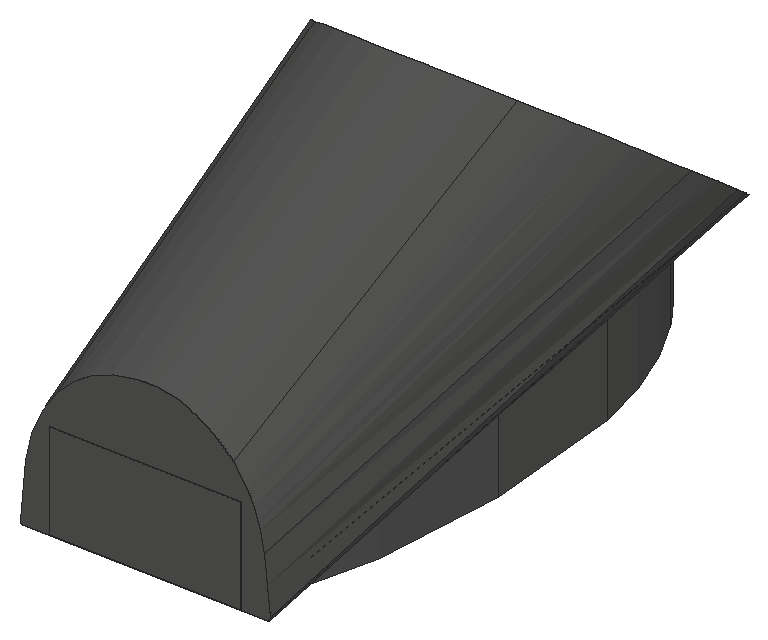
Revit family "Urinal-Wall_Mount-KOHLER-Patio-K-16321IN_1", category Plumbing Fixtures, host Face, Revit 2021
Family settings
  Host = Face
  Round Connector Dimension = Use Diameter
  Part Type = Normal
  OmniClass Number = 23.31.21.00
  OmniClass Title = Urinals
  Cut with Voids When Loaded = No
  Shared = No
  Room Calculation Point = No
Parameters (values of type "7-Black Black")
  Width = 13.18898"  # constant formula
  WaterSense Certified = 1 = 0  # no
  Waste Water Outlet = "Waste Water Outlet"  # constant formula
  Waste Connection = 1 = 1  # yes
  Vent Connection = 1 = 0  # no
  URL = "https://www.kohler.co.in/"
  Type = 4
  Rough-In [instance] = Internal Lip Height - 5.79528"  # 17.91176"
  Product Page URL = ""
  Product Name = "Patio"  # constant formula
  Product Documentation Link = ""
  Pressure = 0.00 psi
  Model = if(Type = 1, "K-16321IN-SS-0", if(Type = 2, "K-16321IN-SS-7", if(Type = 3, "K-16321IN-SS-HG1", if(Type = 4, "K-16321IN-7", "NA"))))  # "K-16321IN-7"
  Material = "Vitreous China"  # constant formula
  Master Format 2014 Name = "Residential Urinals"  # constant formula
  Master Format 2014 = "22 41 13.16"  # constant formula
  Manufacturer Address = "Ambience Office Tower NH-8 Gurgaon / Gurugram Haryana , 122001"  # constant formula
  Manufacturer = "Kohler Co."  # constant formula
  Length = 13.18677"  # constant formula
  Internal Lip Height [instance] = 23 181/256"
  Hot Water Inlet = "Hot Water Inlet"  # constant formula
  Height = 25.26606"  # constant formula
  HW Connection = 1 = 0  # no
  Flush Rate- LPF = "1 LPF"  # constant formula
  Flush Rate- GPF = "0.26 GPF"  # constant formula
  Flow Rate = 0 GPM
  Finish = Kohler-Vitreous_China-7-Black_Black
  Environmental Product Declaration = ""
  Description = "Eco touchless urinal"  # constant formula
  Default Elevation = 0"
  Declare Label = ""
  Date Modified = "08/18/2024"  # constant formula
  Date Created = "12/13/2022"  # constant formula
  Copyright = "Copyright Kohler Co."  # constant formula
  Contact Us = "https://www.kohler.co.in/contact-us"
  Cold Water Inlet = "Cold Water Inlet"  # constant formula
  CW Connection = 1 = 1  # yes
  Assembly Code = "D2010200"
  ADA Compliant = 1 = 0  # no
Types (5): name | Type | Product Page URL | Model | Finish
  (no name) | 4 | "" | "K-16321IN-7" | Kohler-Vitreous_China-7-Black_Black
  SS, 0-White | 1 | "https://www.kohler.co.in/p/urinals-sensors/patio-eco-touchless-urinal-16321in-ss?skuId=16321IN-SS-0" | "K-16321IN-SS-0" | Kohler-Vitreous_China-0-White
  SS, 7-Black Black | 2 | "" | "K-16321IN-SS-7" | Kohler-Vitreous_China-7-Black_Black
  SS, HG1-Thunder Grey | 3 | "" | "K-16321IN-SS-HG1" | KOHLER-Vitreous_China-HG1-Thunder_Grey
  7-Black Black | 4 | "" | "K-16321IN-7" | Kohler-Vitreous_China-7-Black_Black
Reference planes (in)
  plane 1 "Center (Front/Back)": y = 0
  plane 2: z = 0
  plane 3 "Center (Left/Right)": x = 0
  plane 4: y = 17.91176
  plane 5: y = 23.70703
  plane 6: z = 13.18677
  plane 7: z = 5.90551
  plane 8: through (0, 28.67708, 9.49957) normal (0, 0.591, 0.8067)
  plane 9: x = 6.59449
  plane 10: x = -6.59449
  plane 11: y = 31.90519
  plane 12: z = -1.89896
  plane 13: y = 17.69397
  plane 14: x = 1.93
  plane 15: x = 5.80888
  plane 16: x = -5.80888
  plane 17: y = 11.69687
  plane 18: y = 36.96293
Forms (in)
  Extrusion 1, void
    sketch origin (0, 0, 0) x (1, 0, 0) y (0, 1, 0)
      loop
        circle (-0.00228, 17.69397) r 1.02081
    from -1.89896 to 0
Dimensions and locks (in)
  "Rough-In": plane 1 "Center (Front/Back)" to plane 4
  "Internal Lip Height": plane 1 "Center (Front/Back)" to plane 5
  plane 5 to plane 4 = 5.79528"
  locked: plane 11 to plane 4 at 13.99343
  "Length": plane 6 to level
  "Width": plane 10 to plane 9
  "Height": plane 17 to plane 18
  locked: plane 18 to plane 5 at 13.2559
  aligned and locked: plane 2 to host face
  aligned and locked: level to host face
  aligned and locked: plane 3 "Center (Left/Right)" to nested 1
  aligned and locked: plane 4 to nested 1
  aligned and locked: Extrusion 1 to nested 1
  aligned and locked: level to Extrusion 1
Automatic sketch dimensions
  host sketch curve to host sketch curve = 96"  (x2)
  Extrusion 1 sketch curve to plane 13 = 0"
  Extrusion 1 sketch curve to plane 3 "Center (Left/Right)" = 0.00228"
  radius of Extrusion 1 sketch curve = 1.02081"
Nested families (in)
  nested 1: "K-16321IN" at (0, -0.00163, 0), type "K-16321IN"
Connectors (in)
  piping at (1.93, 17.91176, 0), diameter 0.5, driven by "Pressure", driven by "CW Connection", driven by "Cold Water Inlet"
    settings: on nested 1, index 3, connector inside diameter 24", connector length 0", flow factor 0, pipe flow 0 GPM, pressure drop 0.00 psi, fitting loss kfactor 0, connector angle 0.00°, fixture units 0, engagement length 0", angle of deflection 0.00°, flow configuration 0, flow direction 1, fitting loss method 0, system type 20, joint type 0, gender type 0, connector reference index -1, connector utility 1, adjustable connector no, is connector primary yes, connector description "Cold Water Inlet"
  piping at (0, 17.91176, -1.89896), diameter 1.5, driven by "Waste Connection", driven by "Waste Water Outlet"
    settings: on nested 1, index 4, connector inside diameter 24", connector length 0", flow factor 0, pipe flow 0 GPM, pressure drop 0.00 psi, fitting loss kfactor 0, connector angle 0.00°, fixture units 0, engagement length 0", angle of deflection 0.00°, flow configuration 0, flow direction 2, fitting loss method 0, system type 16, joint type 0, gender type 0, connector reference index -1, connector utility 1, adjustable connector no, is connector primary no, connector description "Waste Water Outlet"
Definition of nested family "K-16321IN"
  Parameters (values of type "K-16321IN")
    Material = none
    Default Elevation = 0"
  Reference planes (in)
    plane 1 "Center (Front/Back)": y = 0
    plane 2: z = 0
    plane 3 "Center (Left/Right)": x = 0
    plane 4: y = 17.91339
    plane 5: y = 36.96457
    plane 6: y = 23.70866
    plane 7: x = 6.59449
    plane 8: x = -6.59449
    plane 9: y = 11.6985
    plane 10: through (0, 36.96457, 3.42806) normal (0, 0.591, 0.8067)
    plane 11: z = 13.18676
    plane 12: through (0, 31.95189, 2.55304) normal (0, -0.82, -0.5724)
    plane 13: through (0, 34.63442, 3.60295) normal (0, 0.9805, -0.1965)
    plane 14: z = 5.90551
    plane 15: y = 31.90682
    plane 16: z = -1.89896
    plane 17: y = 17.69808
    plane 18: x = 1.93
  Forms (in)
    Extrusion 1, solid, material <- "Material", detail levels medium+fine
      sketch origin (0, 0, 0) x (1, 0, 0) y (0, 1, 0)
        loop
          line (-3.7649, 11.68044) -> (3.74864, 11.68044)
          arc (3.74864, 11.68044) -> (5.04613, 16.85622) -> (5.51079, 22.17188) r 33.71484
          arc (5.51079, 22.17188) -> (5.41618, 25.13015) -> (5.08578, 28.07142) r 37.0573
          arc (5.08578, 28.07142) -> (4.28026, 31.13653) -> (2.85243, 33.96585) r 15.09263
          arc (2.85243, 33.96585) -> (2.02834, 35.10531) -> (1.08704, 36.15005) r 13.1233
          arc (1.08704, 36.15005) -> (0.80638, 36.3371) -> (0.47555, 36.40278) r 0.86614
          line (0.47555, 36.40278) -> (-0.49181, 36.40278)
          arc (-0.49181, 36.40278) -> (-0.80709, 36.3403) -> (-1.07473, 36.16231) r 0.82677
          arc (-1.07473, 36.16231) -> (-2.02287, 35.11206) -> (-2.85243, 33.96585) r 13.1233
          arc (-2.85243, 33.96585) -> (-4.28026, 31.13653) -> (-5.08578, 28.07142) r 15.09263
          arc (-5.08578, 28.07142) -> (-5.50039, 23.39383) -> (-5.32011, 18.70137) r 37.0573
          arc (-5.32011, 18.70137) -> (-4.74667, 15.14568) -> (-3.7649, 11.68044) r 31.01606
      from 0 to 3.82932
    Blend 2, solid, material <- "Material", detail levels medium+fine
      base sketch origin (0, 0, 0) x (1, 0, 0) y (0, 0, 1)
        loop
          line (-4.81961, 0.00355) -> (4.80336, 0.00355)
          arc (4.80336, 0.00355) -> (4.89009, 0.04149) -> (4.9211, 0.13093) r 0.11811
          arc (4.9211, 0.13093) -> (4.82271, 1.21984) -> (4.69915, 2.30618) r 47.27428
          arc (4.69915, 2.30618) -> (4.28341, 3.80642) -> (3.45464, 5.12426) r 5.36773
          arc (3.45464, 5.12426) -> (-0.00813, 6.7205) -> (-3.47089, 5.12426) r 4.55406
          arc (-3.47089, 5.12426) -> (-4.29966, 3.80642) -> (-4.71541, 2.30618) r 5.36773
          arc (-4.71541, 2.30618) -> (-4.83896, 1.21984) -> (-4.93736, 0.13093) r 47.27428
          arc (-4.93736, 0.13093) -> (-4.90634, 0.04149) -> (-4.81961, 0.00355) r 0.11811
      top sketch origin (0, 0, 0) x (1, 0, 0) y (0, 0, 1)
        loop
          arc (4.54589, 19.52198) -> (0, 21.57746) -> (-4.54589, 19.52198) r 6.05459
          arc (-4.54589, 19.52198) -> (-6.83258, 15.50594) -> (-7.33909, 10.91236) r 11.41194
          arc (-7.33909, 10.91236) -> (-7.13454, 9.56048) -> (-6.77993, 8.24001) r 12.19297
          arc (-6.77993, 8.24001) -> (-6.60738, 7.77224) -> (-6.40261, 7.31766) r 7.13887
          arc (-6.40261, 7.31766) -> (-0.0397, 3.33644) -> (6.3671, 7.24665) r 7.13887
          arc (6.3671, 7.24665) -> (6.59225, 7.73554) -> (6.77993, 8.24001) r 7.13887
          arc (6.77993, 8.24001) -> (7.13454, 9.56048) -> (7.33909, 10.91236) r 12.19297
          arc (7.33909, 10.91236) -> (6.83258, 15.50594) -> (4.54589, 19.52198) r 11.41194
      from -11.68044 to -38.82399
    Extrusion 3, void
      sketch origin (0, 0, 0) x (0, 1, 0) y (0, 0, 1)
        loop
          line (41.37193, 0.19917) -> (56.71571, 9.0579) -> (34.53703, 25.30627) -> (19.19325, 16.44754) -> (41.37193, 0.19917)
      from -10.30812 to 9.84252
    Blend 4, void
      base sketch origin (0, 0, 0) x (1, 0, 0) y (0, 0, 1)
        loop
          arc (4.48552, 2.58021) -> (4.40428, 3.40372) -> (4.30852, 4.22568) r 46.88058
          arc (4.30852, 4.22568) -> (4.13145, 5.49605) -> (3.91969, 6.76109) r 46.88058
          arc (3.91969, 6.76109) -> (-0.00813, 10.04023) -> (-3.93595, 6.76109) r 3.99198
          arc (-3.93595, 6.76109) -> (-4.14771, 5.49605) -> (-4.32477, 4.22568) r 46.88058
          arc (-4.32477, 4.22568) -> (-4.42054, 3.40372) -> (-4.50178, 2.58021) r 46.88058
          arc (-4.50178, 2.58021) -> (-4.451, 2.42978) -> (-4.30571, 2.36576) r 0.19685
          line (-4.30571, 2.36576) -> (4.28946, 2.36576)
          arc (4.28946, 2.36576) -> (4.43474, 2.42978) -> (4.48552, 2.58021) r 0.19685
      top sketch origin (0, 0, 0) x (1, 0, 0) y (0, 0, 1)
        loop
          arc (-3.85933, 21.0616) -> (-6.04314, 17.84406) -> (-6.9732, 14.06828) r 11.01824
          arc (-6.9732, 14.06828) -> (-6.99461, 13.19727) -> (-6.94713, 12.32729) r 11.01824
          arc (-6.94713, 12.32729) -> (-6.65898, 10.62222) -> (-6.12471, 8.97757) r 11.79927
          arc (-6.12471, 8.97757) -> (0, 4.86185) -> (6.12471, 8.97757) r 6.61503
          arc (6.12471, 8.97757) -> (6.65898, 10.62222) -> (6.94713, 12.32729) r 11.79927
          arc (6.94713, 12.32729) -> (6.99584, 13.35725) -> (6.94806, 14.38724) r 11.01824
          arc (6.94806, 14.38724) -> (5.977, 17.98973) -> (3.85933, 21.0616) r 11.01824
          arc (3.85933, 21.0616) -> (0, 22.68671) -> (-3.85933, 21.0616) r 5.39514
      from -20.15934 to -41.12718
    Revolve 5, solid, detail levels medium+fine
      sketch origin (0, 0, 0) x (0, 1, 0) y (0, 0, 1)
        loop
          line (35.25669, 4.19969) -> (35.25528, 4.23904)
          arc (35.25528, 4.23904) -> (35.09768, 4.26258) -> (34.93901, 4.27721) r 2.82908
          line (34.93901, 4.27721) -> (34.94013, 4.24588) -> (34.92498, 4.27279) -> (34.49911, 4.25755) -> (34.57254, 2.20547) -> (35.06574, 2.22312)
          arc (35.06574, 2.22312) -> (35.11563, 2.24547) -> (35.13584, 2.29626) r 0.0727
          line (35.13584, 2.29626) -> (35.13017, 3.14349) -> (35.21008, 3.33319) -> (35.19274, 3.81784) -> (35.10615, 3.81474) -> (35.09258, 4.19382) -> (35.25669, 4.19969)
        axis (34.49897, 4.26146) -> (34.57254, 2.20547)
      angle from 0 to 360
    Revolve 6, solid, material <- "Material", detail levels medium+fine
      sketch origin (0, 0, 0) x (0, 1, 0) y (0, 0, 1)
        loop
          line (18.66128, 7.22027) -> (18.66128, 7.25362)
          arc (18.66128, 7.25362) -> (18.57879, 7.33611) -> (18.4963, 7.25362) r 0.08249
          line (18.4963, 7.25362) -> (18.4963, 7.15884) -> (18.3001, 7.15884)
          arc (18.3001, 7.15884) -> (18.16801, 7.13256) -> (18.05604, 7.05774) r 0.34515
          line (18.05604, 7.05774) -> (17.65077, 6.65248)
          arc (17.65077, 6.65248) -> (17.57441, 6.60145) -> (17.48434, 6.58354) r 0.23537
          line (17.48434, 6.58354) -> (17.04739, 6.58354) -> (17.04739, 5.90551) -> (20.87067, 5.90551)
          arc (20.87067, 5.90551) -> (20.86036, 6.00758) -> (20.82647, 6.10442) r 0.4358
          arc (20.82647, 6.10442) -> (20.7398, 6.60083) -> (20.55788, 7.07078) r 2.5685
          arc (20.55788, 7.07078) -> (20.53433, 7.09639) -> (20.50085, 7.10587) r 0.06389
          line (20.50085, 7.10587) -> (20.27614, 7.10587)
          arc (20.27614, 7.10587) -> (20.19426, 6.57282) -> (20.15934, 6.03465) r 6.15609
          line (20.15934, 6.03465) -> (19.47849, 6.03465) -> (19.47849, 7.18267)
          arc (19.47849, 7.18267) -> (19.45819, 7.23167) -> (19.40919, 7.25197) r 0.0693
          line (19.40919, 7.25197) -> (19.12059, 7.25197) -> (19.08889, 7.22027) -> (18.66128, 7.22027)
        axis (17.04739, 5.90551) -> (20.87067, 5.90551)
      angle from 0 to 360
    Revolve 7, void
      sketch origin (0, 0, 0) x (0, 1, 0) y (0, 0, 1)
        loop
          line (17.04739, 5.90551) -> (20.15934, 5.90551) -> (20.15934, 6.10236) -> (19.67534, 6.10236)
          arc (19.67534, 6.10236) -> (19.53614, 6.16002) -> (19.47849, 6.29921) r 0.19685
          line (19.47849, 6.29921) -> (19.47849, 7.14412)
          arc (19.47849, 7.14412) -> (19.42083, 7.28331) -> (19.28164, 7.34097) r 0.19685
          line (19.28164, 7.34097) -> (17.04739, 7.34097) -> (17.04739, 5.90551)
        axis (17.04739, 5.90551) -> (20.15934, 5.90551)
      angle from 0 to 360
    Extrusion 8, solid, material <- "Material", detail levels medium+fine
      sketch origin (0, 0, 0) x (1, 0, 0) y (0, 1, 0)
        loop
          circle (0, 17.91339) r 0.19685
      from -1.89896 to -1.662
    Blend 9, solid, material <- "Material", detail levels coarse
      base sketch origin (0, -0.0028, 0) x (1, 0, 0) y (0, 0, 1)
        loop
          arc (4.89447, 2.33069) -> (4.46348, 3.88595) -> (3.60432, 5.25212) r 5.56458
          arc (3.60432, 5.25212) -> (-0.00813, 6.91735) -> (-3.62057, 5.25212) r 4.75091
          arc (-3.62057, 5.25212) -> (-4.47974, 3.88595) -> (-4.91073, 2.33069) r 5.56458
          arc (-4.91073, 2.33069) -> (-5.0203, 1.37981) -> (-5.11068, 0.42692) r 47.47113
          arc (-5.11068, 0.42692) -> (-5.00828, 0.12732) -> (-4.71839, 0) r 0.3937
          line (-4.71839, 0) -> (4.70213, 0)
          arc (4.70213, 0) -> (4.99203, 0.12732) -> (5.09443, 0.42692) r 0.3937
          arc (5.09443, 0.42692) -> (5.00405, 1.37981) -> (4.89447, 2.33069) r 47.47113
      top sketch origin (0, -0.0028, 0) x (1, 0, 0) y (0, 0, 1)
        loop
          arc (-4.69369, 19.65201) -> (-7.01982, 15.56669) -> (-7.53507, 10.89387) r 11.60879
          arc (-7.53507, 10.89387) -> (-7.32722, 9.52017) -> (-6.96688, 8.17837) r 12.38982
          arc (-6.96688, 8.17837) -> (-6.77555, 7.66365) -> (-6.54624, 7.16469) r 7.33572
          arc (-6.54624, 7.16469) -> (0.02345, 3.13952) -> (6.56728, 7.20661) r 7.33572
          arc (6.56728, 7.20661) -> (6.7845, 7.68533) -> (6.96688, 8.17837) r 7.33572
          arc (6.96688, 8.17837) -> (7.32722, 9.52017) -> (7.53507, 10.89387) r 12.38982
          arc (7.53507, 10.89387) -> (7.01982, 15.56669) -> (4.69369, 19.65201) r 11.60879
          arc (4.69369, 19.65201) -> (0, 21.77431) -> (-4.69369, 19.65201) r 6.25144
      from -11.68044 to -38.82399
    Blend 10, void
      base sketch origin (0, 0, 0) x (1, 0, 0) y (0, 0, 1)
        loop
          arc (4.48552, 2.1865) -> (4.40428, 3.01002) -> (4.30852, 3.83198) r 46.88058
          arc (4.30852, 3.83198) -> (4.1022, 5.29054) -> (3.85015, 6.74191) r 46.88058
          arc (3.85015, 6.74191) -> (-0.00813, 9.93648) -> (-3.86641, 6.74191) r 3.92723
          arc (-3.86641, 6.74191) -> (-4.11845, 5.29054) -> (-4.32477, 3.83198) r 46.88058
          arc (-4.32477, 3.83198) -> (-4.42054, 3.01002) -> (-4.50178, 2.1865) r 46.88058
          arc (-4.50178, 2.1865) -> (-4.451, 2.03608) -> (-4.30571, 1.97206) r 0.19685
          line (-4.30571, 1.97206) -> (4.28946, 1.97206)
          arc (4.28946, 1.97206) -> (4.43474, 2.03608) -> (4.48552, 2.1865) r 0.19685
      top sketch origin (0, 0, 0) x (1, 0, 0) y (0, 0, 1)
        loop
          arc (-3.85933, 21.0616) -> (-6.04314, 17.84406) -> (-6.9732, 14.06828) r 11.01824
          arc (-6.9732, 14.06828) -> (-6.99461, 13.19727) -> (-6.94713, 12.32729) r 11.01824
          arc (-6.94713, 12.32729) -> (-6.65898, 10.62222) -> (-6.12471, 8.97757) r 11.79927
          arc (-6.12471, 8.97757) -> (0, 4.86185) -> (6.12471, 8.97757) r 6.61503
          arc (6.12471, 8.97757) -> (6.65898, 10.62222) -> (6.94713, 12.32729) r 11.79927
          arc (6.94713, 12.32729) -> (6.99584, 13.35725) -> (6.94806, 14.38724) r 11.01824
          arc (6.94806, 14.38724) -> (5.977, 17.98973) -> (3.85933, 21.0616) r 11.01824
          arc (3.85933, 21.0616) -> (0, 22.68671) -> (-3.85933, 21.0616) r 5.39514
      from -19.76758 to -40.78969
    Extrusion 11, solid, material <- "Material", detail levels coarse
      sketch origin (0, -0.31289, 0) x (1, 0, 0) y (0, 1, 0)
        loop
          line (-3.7649, 11.99333) -> (3.84707, 11.99333)
          arc (3.84707, 11.99333) -> (5.14456, 17.16911) -> (5.60922, 22.48477) r 33.71484
          arc (5.60922, 22.48477) -> (5.51461, 25.44304) -> (5.18421, 28.38432) r 37.0573
          arc (5.18421, 28.38432) -> (3.84184, 32.82619) -> (1.3112, 36.71567) r 16.43176
          line (1.3112, 36.71567) -> (-1.22903, 36.71567)
          arc (-1.22903, 36.71567) -> (-3.75968, 32.82619) -> (-5.10204, 28.38432) r 16.43176
          arc (-5.10204, 28.38432) -> (-5.43244, 25.44304) -> (-5.52705, 22.48477) r 37.0573
          arc (-5.52705, 22.48477) -> (-5.06239, 17.16911) -> (-3.7649, 11.99333) r 33.71484
      from 0 to 3.82932
    Extrusion 12, void
      sketch origin (0, 0, 0) x (1, 0, 0) y (0, 0, 1)
        loop
          circle (0, 6.44573) r 0.07982
        loop
          circle (-0.46616, 6.17422) r 0.07977
        loop
          circle (0.46616, 6.17422) r 0.07977
        loop
          circle (0, 5.36529) r 0.07982
        loop
          circle (-0.46616, 5.6368) r 0.07977
        loop
          circle (0.46616, 5.6368) r 0.07977
        loop
          circle (0, 6.81881) r 0.08004
        loop
          circle (0, 4.99222) r 0.08004
        loop
          circle (-0.79125, 6.36161) r 0.07874
        loop
          circle (0.79125, 6.36161) r 0.07874
        loop
          circle (-0.79125, 5.44941) r 0.07874
        loop
          circle (0.79125, 5.44941) r 0.07874
      from -21.11907 to -19.96189
    Extrusion 13, solid, material <- "Material"
      sketch origin (0, -0.21544, -2.16535) x (1, 0, 0) y (0, 1, 0)
        loop
          circle (0, 17.91352) r 0.99605
      from 0.26639 to 2.16535
    Extrusion 14, solid, material <- "Material", detail levels medium+fine
      sketch origin (0, 0, 0) x (1, 0, 0) y (0, 1, 0)
        loop
          circle (1.93, 17.91339) r 0.19685
      from 0 to 0.17689
  Cuts and joins
    Extrusion 3, Blend 4, Revolve 7 cuts Blend 2
    Extrusion 3, Blend 10 cuts Blend 9
    Extrusion 12 cuts Revolve 6
  Lines and regions (in)
    Masking region 1
      outline origin (0, 0, 0) x (1, 0, 0) y (0, 0, 1)
        loop
          arc (-6.23019, 9.20317) -> (-6.33068, 8.81993) -> (-6.41532, 8.43289) r 9.63164
          arc (-6.41532, 8.43289) -> (-6.5396, 7.62241) -> (-6.59449, 6.8043) r 9.63164
          line (-6.59449, 6.8043) -> (-6.59449, 6.33403)
          arc (-6.59449, 6.33403) -> (-6.39675, 3.93811) -> (-5.80888, 1.60703) r 14.61392
          line (-5.80888, 1.60703) -> (-5.80888, 0) -> (-0.99605, 0) -> (-0.99605, -1.89896) -> (0.99605, -1.89896) -> (0.99605, 0) -> (5.80888, 0) -> (5.80888, 1.60703)
          arc (5.80888, 1.60703) -> (6.39675, 3.93811) -> (6.59449, 6.33403) r 14.61392
          line (6.59449, 6.33403) -> (6.59449, 6.8043)
          arc (6.59449, 6.8043) -> (6.53235, 7.78559) -> (6.34693, 8.7512) r 7.77956
          arc (6.34693, 8.7512) -> (6.2913, 8.97789) -> (6.23019, 9.20317) r 9.63164
          arc (6.23019, 9.20317) -> (5.18652, 11.14549) -> (3.42534, 12.47217) r 5.1425
          arc (3.42534, 12.47217) -> (1.76576, 13.01916) -> (0.02641, 13.18676) r 7.87609
          line (0.02641, 13.18676) -> (-0.02641, 13.18676)
          arc (-0.02641, 13.18676) -> (-1.76576, 13.01916) -> (-3.42534, 12.47217) r 7.87609
          arc (-3.42534, 12.47217) -> (-5.18652, 11.14549) -> (-6.23019, 9.20317) r 5.1425
    Masking region 2
      outline origin (0, 0, 0) x (0, 1, 0) y (0, 0, 1)
        loop
          arc (23.388, 13.1602) -> (17.46436, 10.07315) -> (11.6985, 6.70056) r 136.77332
          line (11.6985, 6.70056) -> (11.6985, 0) -> (16.70203, 0) -> (16.70203, -1.89896) -> (18.69413, -1.89896) -> (18.69413, 0) -> (36.30974, 0) -> (36.30974, 2.52441)
          arc (36.30974, 2.52441) -> (36.34543, 2.73491) -> (36.44851, 2.92187) r 0.63856
          arc (36.44851, 2.92187) -> (36.55189, 3.01979) -> (36.67839, 3.08516) r 0.50784
          arc (36.67839, 3.08516) -> (36.75008, 3.11221) -> (36.82037, 3.14272) r 1.56927
          arc (36.82037, 3.14272) -> (36.84163, 3.15277) -> (36.86275, 3.16314) r 1.56927
          arc (36.86275, 3.16314) -> (36.93334, 3.22505) -> (36.96457, 3.31359) r 0.18545
          line (36.96457, 3.31359) -> (36.96457, 3.34841)
          arc (36.96457, 3.34841) -> (36.94185, 3.42384) -> (36.88972, 3.48289) r 0.18434
          line (36.88972, 3.48289) -> (24.80976, 12.33281)
          arc (24.80976, 12.33281) -> (24.22894, 12.7466) -> (23.63734, 13.14482) r 26.86573
          arc (23.63734, 13.14482) -> (23.58228, 13.17596) -> (23.51995, 13.18676) r 0.18529
          line (23.51995, 13.18676) -> (23.48287, 13.18676)
          arc (23.48287, 13.18676) -> (23.43422, 13.17783) -> (23.388, 13.1602) r 0.27061
    Masking region 3
      outline origin (0, 0, 0) x (1, 0, 0) y (0, 1, 0)
        loop
          arc (-6.47819, 29.79644) -> (-6.54612, 28.11245) -> (-6.59449, 26.42778) r 145.06409
          line (-6.59449, 26.42778) -> (-6.59449, 26.03408)
          arc (-6.59449, 26.03408) -> (-6.53535, 23.79733) -> (-6.35808, 21.56684) r 42.32598
          arc (-6.35808, 21.56684) -> (-6.0798, 19.33935) -> (-5.78279, 17.11428) r 266.83741
          arc (-5.78279, 17.11428) -> (-5.32777, 14.39112) -> (-4.71753, 11.6985) r 48.18285
          line (-4.71753, 11.6985) -> (4.71753, 11.6985)
          arc (4.71753, 11.6985) -> (5.32777, 14.39112) -> (5.78279, 17.11428) r 48.18285
          arc (5.78279, 17.11428) -> (6.0798, 19.33935) -> (6.35808, 21.56684) r 266.83741
          arc (6.35808, 21.56684) -> (6.53535, 23.79733) -> (6.59449, 26.03408) r 42.32598
          line (6.59449, 26.03408) -> (6.59449, 26.42778)
          arc (6.59449, 26.42778) -> (6.54612, 28.11245) -> (6.47819, 29.79644) r 145.06409
          arc (6.47819, 29.79644) -> (6.37595, 30.92372) -> (6.17432, 32.03753) r 12.77343
          arc (6.17432, 32.03753) -> (3.98848, 35.55185) -> (0.09843, 36.96457) r 6.33033
          line (0.09843, 36.96457) -> (-0.09843, 36.96457)
          arc (-0.09843, 36.96457) -> (-3.98848, 35.55185) -> (-6.17432, 32.03753) r 6.33033
          arc (-6.17432, 32.03753) -> (-6.37595, 30.92372) -> (-6.47819, 29.79644) r 12.77343
    symbolic lines, detail levels medium+fine
      curve 1: arc (4.83704, 0, 4.88178) -> (4.13931, 0, 4.37823) -> (3.39464, 0, 3.94709) r 8.58112
      curve 2: arc (4.83704, 0, 4.88178) -> (5.77705, 0, 5.94723) -> (6.30113, 0, 7.26789) r 4.13706
      curve 3: arc (-4.83704, 0, 4.88178) -> (-5.77705, 0, 5.94723) -> (-6.30113, 0, 7.26789) r 4.13706
      curve 4: arc (-4.83704, 0, 4.88178) -> (-4.13931, 0, 4.37823) -> (-3.39464, 0, 3.94709) r 8.58112
      curve 5: arc (3.39464, 0, 3.94709) -> (0, 0, 3.12597) -> (-3.39464, 0, 3.94709) r 7.42753
      curve 6: arc (6.07012, 0, 7.59235) -> (5.46188, 0, 6.17509) -> (4.42034, 0, 5.03765) r 4.61138
      curve 7: arc (5.0447, 0, 11.05677) -> (6.02299, 0, 9.46236) -> (6.07012, 0, 7.59235) r 3.60335
      curve 8: arc (1.17012, 0, 12.92448) -> (3.25271, 0, 12.29205) -> (5.0447, 0, 11.05677) r 7.07848
      curve 9: arc (-6.07012, 0, 7.59235) -> (-5.46188, 0, 6.17509) -> (-4.42034, 0, 5.03765) r 4.61138
      curve 10: arc (-5.0447, 0, 11.05677) -> (-6.02299, 0, 9.46236) -> (-6.07012, 0, 7.59235) r 3.60335
      curve 11: arc (-1.17012, 0, 12.92448) -> (-3.25271, 0, 12.29205) -> (-5.0447, 0, 11.05677) r 7.07848
      curve 12: arc (4.42034, 0, 5.03765) -> (0, 0, 3.52019) -> (-4.42034, 0, 5.03765) r 7.19695
      curve 13: arc (-1.17012, 0, 12.92448) -> (0, 0, 13.0068) -> (1.17012, 0, 12.92448) r 8.35735
      curve 14: arc (3.16064, 0, 5.25805) -> (4.48539, 0, 6.8189) -> (4.31844, 0, 8.85934) r 2.67486
      curve 15: arc (0.4543, 0, 4.402) -> (1.84351, 0, 4.7161) -> (3.16064, 0, 5.25805) r 8.4885
      curve 16: arc (-3.16064, 0, 5.25805) -> (-4.48539, 0, 6.8189) -> (-4.31844, 0, 8.85934) r 2.67486
      curve 17: arc (-0.4543, 0, 4.402) -> (-1.84351, 0, 4.7161) -> (-3.16064, 0, 5.25805) r 8.4885
      curve 18: spline (-0.45464, 0, 4.33037) -> (-0.43914, 0, 4.35264) -> (-0.39373, 0, 4.37339) -> (-0.32148, 0, 4.3912) -> (-0.22732, 0, 4.40487) -> (-0.11767, 0, 4.41347) -> (0, 0, 4.4164) -> (0.11767, 0, 4.41347) -> (0.22732, 0, 4.40487) -> (0.32148, 0, 4.3912) -> (0.39373, 0, 4.37339) -> (0.43914, 0, 4.35264) -> (0.45464, 0, 4.33037) -> (0.43914, 0, 4.30811) -> (0.39373, 0, 4.28736) -> (0.32148, 0, 4.26954) -> (0.22732, 0, 4.25587) -> (0.11767, 0, 4.24728) -> (0, 0, 4.24435) -> (-0.11767, 0, 4.24728) -> (-0.22732, 0, 4.25587) -> (-0.32148, 0, 4.26954) -> (-0.39373, 0, 4.28736) -> (-0.43914, 0, 4.30811) -> (-0.45464, 0, 4.33037)
      curve 19: arc (0.67945, 0, 4.18019) -> (0.63335, 0, 4.15741) -> (0.58391, 0, 4.14327) r 0.28578
      curve 20: arc (0.74557, 0, 4.23457) -> (0.71441, 0, 4.20508) -> (0.67945, 0, 4.18019) r 0.30841
      curve 21: arc (-0.67945, 0, 4.18019) -> (-0.63335, 0, 4.15741) -> (-0.58391, 0, 4.14327) r 0.28578
      curve 22: arc (-0.74557, 0, 4.23457) -> (-0.71441, 0, 4.20508) -> (-0.67945, 0, 4.18019) r 0.30841
      curve 23: arc (0.58391, 0, 4.14327) -> (0, 0, 4.08803) -> (-0.58391, 0, 4.14327) r 3.11387
      curve 24: line (4.61126, 0, 3.06414) -> (2.20422, 0, 3.09691)
      curve 25: line (-4.61126, 0, 3.06414) -> (-2.20422, 0, 3.09691)
      curve 26: arc (2.20422, 0, 3.09691) -> (1.89347, 0, 3.11105) -> (1.58425, 0, 3.14492) r 4.88678
      curve 27: arc (1.58425, 0, 3.14492) -> (1.27191, 0, 3.16586) -> (0.9599, 0, 3.14052) r 2.11699
      curve 28: arc (-2.20422, 0, 3.09691) -> (-1.89347, 0, 3.11105) -> (-1.58425, 0, 3.14492) r 4.88678
      curve 29: arc (-1.58425, 0, 3.14492) -> (-1.27191, 0, 3.16586) -> (-0.9599, 0, 3.14052) r 2.11699
      curve 30: arc (0.9599, 0, 3.14052) -> (0, 0, 3.06595) -> (-0.9599, 0, 3.14052) r 6.21537
      curve 31: arc (5.80888, 0, 1.60703) -> (5.54827, 0, 2.61356) -> (4.61126, 0, 3.06414) r 1.23466
      curve 32: arc (-5.80888, 0, 1.60703) -> (-5.54827, 0, 2.61356) -> (-4.61126, 0, 3.06414) r 1.23466
      curve 33: arc (4.18591, 0, 2.71217) -> (2.76447, 0, 2.59634) -> (1.33843, 0, 2.61273) r 15.37284
      curve 34: arc (-4.18591, 0, 2.71217) -> (-2.76447, 0, 2.59634) -> (-1.33843, 0, 2.61273) r 15.37284
      curve 35: arc (0.78617, 0, 2.57487) -> (-0.00123, 0, 2.55379) -> (-0.78863, 0, 2.57487) r 14.71839
      curve 36: arc (1.33843, 0, 2.61273) -> (1.06244, 0, 2.59174) -> (0.78617, 0, 2.57487) r 18.54309
      curve 37: arc (-0.78863, 0, 2.57487) -> (-1.06367, 0, 2.59171) -> (-1.33843, 0, 2.61273) r 18.09024
      curve 38: arc (-5.80888, 0, 1.60703) -> (-5.20712, 0, 2.46761) -> (-4.18591, 0, 2.71217) r 1.4796
      curve 39: arc (5.80888, 0, 1.60703) -> (5.20712, 0, 2.46761) -> (4.18591, 0, 2.71217) r 1.4796
      curve 40: line (1.33843, 0, 2.61273) -> (1.33843, 0, 0)
      curve 41: line (-1.33843, 0, 2.61273) -> (-1.33843, 0, 0)
      curve 42: arc (1.58425, 0, 3.14492) -> (1.40285, 0, 2.90584) -> (1.33843, 0, 2.61273) r 0.69899
      curve 43: arc (-1.58425, 0, 3.14492) -> (-1.40285, 0, 2.90584) -> (-1.33843, 0, 2.61273) r 0.69899
      curve 44: circle (0, 0, 5.89858) r 1.22963 normal (0, -1, 0)
      curve 45: circle (0, 0, 5.89858) r 1.15089 normal (0, -1, 0)
      curve 46: arc (-0.01521, 0, 5.97809) -> (-0.07492, 0, 5.90473) -> (-0.01521, 0, 5.83137) r 0.07492
      curve 47: circle (0, 0, 5.90473) r 0.22089 normal (0, -1, 0)
      curve 48: circle (0, 0, 5.90473) r 0.20883 normal (0, -1, 0)
      curve 49: circle (0.00615, 0, 5.90473) r 0.3038 normal (0, -1, 0)
      curve 50: arc (4.31844, 0, 8.85934) -> (0, 0, 11.49648) -> (-4.31844, 0, 8.85934) r 4.85439
      curve 51: arc (0, 21.72306, 1.59548) -> (0, 16.68548, 0.95672) -> (0, 11.6985, 0) r 80.08942
      curve 52: arc (0, 25.73825, 2.3344) -> (0, 23.74685, 1.87697) -> (0, 21.72306, 1.59548) r 23.33906
      curve 53: arc (0, 30.60664, 3.04379) -> (0, 28.15027, 2.84127) -> (0, 25.73825, 2.3344) r 19.75046
      curve 54: arc (0, 36.52734, 3.13989) -> (0, 33.5669, 3.09716) -> (0, 30.60664, 3.04379) r 823.96155
      curve 55: line (0, 36.08157, 0) -> (0, 36.08157, 2.6952)
      curve 56: line (0, 36.51079, 3.42426) -> (0, 36.1662, 2.95391)
      curve 57: arc (0, 36.1662, 2.95391) -> (0, 36.10327, 2.8313) -> (0, 36.08157, 2.6952) r 0.43777
      curve 58: line (0, 36.86275, 3.16314) -> (0, 23.388, 13.1602)
      curve 59: arc (0, 35.54533, 2.70071) -> (0, 32.17133, 2.6785) -> (0, 28.7994, 2.5581) r 115.91985
      curve 60: arc (0, 28.7994, 2.5581) -> (0, 25.27105, 2.00463) -> (0, 21.72306, 1.59548) r 87.5744
      curve 61: arc (-6.37595, 30.92372, 0) -> (-6.3547, 29.35621, 0) -> (-6.03085, 27.82236, 0) r 8.07188
      curve 62: arc (6.37595, 30.92372, 0) -> (6.3547, 29.35621, 0) -> (6.03085, 27.82236, 0) r 8.07188
      curve 63: arc (-6.03085, 27.82236, 0) -> (0, 23.39991, 0) -> (6.03085, 27.82236, 0) r 6.32333
      curve 64: arc (4.16709, 25.7365, 0) -> (4.20507, 25.78551, 0) -> (4.24286, 25.83466, 0) r 16.47732
      curve 65: arc (5.3626, 27.49722, 0) -> (6.1847, 30.58635, 0) -> (5.29083, 33.65548, 0) r 5.95454
      curve 66: arc (5.29083, 33.65548, 0) -> (4.63382, 34.56342, 0) -> (3.85452, 35.36884, 0) r 7.87117
      curve 67: arc (-5.29083, 33.65548, 0) -> (-4.63382, 34.56342, 0) -> (-3.85452, 35.36884, 0) r 7.87117
      curve 68: arc (-5.3626, 27.49722, 0) -> (-6.1847, 30.58635, 0) -> (-5.29083, 33.65548, 0) r 5.95454
      curve 69: arc (-4.16709, 25.7365, 0) -> (-4.20507, 25.78551, 0) -> (-4.24286, 25.83466, 0) r 16.47732
      curve 70: arc (4.16709, 25.7365, 0) -> (0, 23.6986, 0) -> (-4.16709, 25.7365, 0) r 5.27939
      curve 71: arc (-3.85452, 35.36884, 0) -> (0, 36.84312, 0) -> (3.85452, 35.36884, 0) r 5.77596
      curve 72: circle (0, 34.77841, 0) r 0.45233 normal (0, 0, 1)
      curve 73: circle (0, 34.78233, 0) r 0.76312 normal (0, 0, 1)
      curve 74: arc (3.89413, 28.82116, 0) -> (0.20632, 30.3854, 0) -> (-3.58162, 29.08221, 0) r 5.59285
      curve 75: arc (-3.58162, 29.08221, 0) -> (-4.17128, 28.38538, 0) -> (-4.49323, 27.53121, 0) r 2.68353
      curve 76: arc (-4.49323, 27.53121, 0) -> (-4.51194, 26.6617, 0) -> (-4.24286, 25.83466, 0) r 2.60016
      curve 77: arc (4.49323, 27.53121, 0) -> (4.51194, 26.6617, 0) -> (4.24286, 25.83466, 0) r 2.60016
      curve 78: arc (0.08004, 0, 6.81881) -> (0, 0, 6.89885) -> (-0.08004, 0, 6.81881) r 0.08004
      curve 79: arc (-0.08004, 0, 6.81881) -> (0, 0, 6.73877) -> (0.08004, 0, 6.81881) r 0.08004
      curve 80: arc (-0.71251, 0, 6.36161) -> (-0.79125, 0, 6.44035) -> (-0.86999, 0, 6.36161) r 0.07874
      curve 81: arc (-0.86999, 0, 6.36161) -> (-0.79125, 0, 6.28287) -> (-0.71251, 0, 6.36161) r 0.07874
      curve 82: arc (-0.38639, 0, 6.17422) -> (-0.46616, 0, 6.25399) -> (-0.54594, 0, 6.17422) r 0.07977
      curve 83: arc (-0.54594, 0, 6.17422) -> (-0.46616, 0, 6.09445) -> (-0.38639, 0, 6.17422) r 0.07977
      curve 84: arc (0.07982, 0, 6.44573) -> (0, 0, 6.52556) -> (-0.07982, 0, 6.44573) r 0.07982
      curve 85: arc (-0.07982, 0, 6.44573) -> (0, 0, 6.36591) -> (0.07982, 0, 6.44573) r 0.07982
      curve 86: arc (0.54594, 0, 6.17422) -> (0.46616, 0, 6.25399) -> (0.38639, 0, 6.17422) r 0.07977
      curve 87: arc (0.38639, 0, 6.17422) -> (0.46616, 0, 6.09445) -> (0.54594, 0, 6.17422) r 0.07977
      curve 88: arc (0.86999, 0, 6.36161) -> (0.79125, 0, 6.44035) -> (0.71251, 0, 6.36161) r 0.07874
      curve 89: arc (0.71251, 0, 6.36161) -> (0.79125, 0, 6.28287) -> (0.86999, 0, 6.36161) r 0.07874
      curve 90: arc (0.54594, 0, 5.6368) -> (0.46616, 0, 5.71657) -> (0.38639, 0, 5.6368) r 0.07977
      curve 91: arc (0.38639, 0, 5.6368) -> (0.46616, 0, 5.55703) -> (0.54594, 0, 5.6368) r 0.07977
      curve 92: arc (0.86999, 0, 5.44941) -> (0.79125, 0, 5.52815) -> (0.71251, 0, 5.44941) r 0.07874
      curve 93: arc (0.71251, 0, 5.44941) -> (0.79125, 0, 5.37067) -> (0.86999, 0, 5.44941) r 0.07874
      curve 94: arc (0.07982, 0, 5.36529) -> (0, 0, 5.44511) -> (-0.07982, 0, 5.36529) r 0.07982
      curve 95: arc (-0.07982, 0, 5.36529) -> (0, 0, 5.28547) -> (0.07982, 0, 5.36529) r 0.07982
      curve 96: arc (-0.38639, 0, 5.6368) -> (-0.46616, 0, 5.71657) -> (-0.54594, 0, 5.6368) r 0.07977
      curve 97: arc (-0.54594, 0, 5.6368) -> (-0.46616, 0, 5.55703) -> (-0.38639, 0, 5.6368) r 0.07977
      curve 98: arc (-0.71251, 0, 5.44941) -> (-0.79125, 0, 5.52815) -> (-0.86999, 0, 5.44941) r 0.07874
      curve 99: arc (-0.86999, 0, 5.44941) -> (-0.79125, 0, 5.37067) -> (-0.71251, 0, 5.44941) r 0.07874
      curve 100: arc (0.08004, 0, 4.99222) -> (0, 0, 5.07226) -> (-0.08004, 0, 4.99222) r 0.08004
      curve 101: arc (-0.08004, 0, 4.99222) -> (0, 0, 4.91218) -> (0.08004, 0, 4.99222) r 0.08004
      curve 102: line (0.01521, 0, 5.97809) -> (0.01521, 0, 5.83137)
      curve 103: line (-0.01521, 0, 5.97809) -> (-0.01521, 0, 5.83137)
      curve 104: arc (0.01521, 0, 5.83137) -> (0.07492, 0, 5.90473) -> (0.01521, 0, 5.97809) r 0.07492
      curve 105: arc (0.01521, 0, 5.97083) -> (0, 0, 5.97258) -> (-0.01521, 0, 5.97083) r 0.06707
      curve 106: arc (0.01521, 0, 5.84019) -> (0, 0, 5.83844) -> (-0.01521, 0, 5.84019) r 0.06707
      curve 107: line (0, 18.69413, 0) -> (0, 16.70203, 0)
      curve 108: line (-0.99605, 0, 0) -> (0.99605, 0, 0)
      curve 109: arc (6.30113, 0, 7.26789) -> (6.38884, 0, 8.00755) -> (6.34693, 0, 8.7512) r 4.27801
      curve 110: arc (-6.30113, 0, 7.26789) -> (-6.38956, 0, 7.84732) -> (-6.41532, 0, 8.43289) r 5.45553
      curve 111: arc (-4.24286, 25.83466, 0) -> (-4.82804, 26.6489, 0) -> (-5.3626, 27.49722, 0) r 16.47732
      curve 112: arc (3.89413, 28.82116, 0) -> (4.27317, 28.2131, 0) -> (4.49323, 27.53121, 0) r 2.92891
      curve 113: arc (0, 36.30974, 2.52441) -> (0, 35.93721, 2.65452) -> (0, 35.54533, 2.70071) r 1.80789
      curve 114: arc (0, 36.82037, 3.14272) -> (0, 36.67385, 3.14152) -> (0, 36.52734, 3.13989) r 49.58884
      curve 115: spline (0.4543, 0, 4.402) -> (0.51478, 0, 4.39212) -> (0.57006, 0, 4.38107) -> (0.61957, 0, 4.36895) -> (0.66281, 0, 4.35589) -> (0.69934, 0, 4.34201) -> (0.7288, 0, 4.32746) -> (0.75088, 0, 4.31239) -> (0.76536, 0, 4.29694) -> (0.7721, 0, 4.28127) -> (0.77103, 0, 4.26555) -> (0.76216, 0, 4.24993) -> (0.74557, 0, 4.23457)
      curve 116: arc (-0.4543, 0, 4.402) -> (0, 0, 4.44659) -> (0.4543, 0, 4.402) r 2.33644
      curve 117: spline (-0.74557, 0, 4.23457) -> (-0.76216, 0, 4.24993) -> (-0.77103, 0, 4.26555) -> (-0.7721, 0, 4.28127) -> (-0.76536, 0, 4.29694) -> (-0.75088, 0, 4.31239) -> (-0.7288, 0, 4.32746) -> (-0.69934, 0, 4.34201) -> (-0.66281, 0, 4.35589) -> (-0.61957, 0, 4.36895) -> (-0.57006, 0, 4.38107) -> (-0.51478, 0, 4.39212) -> (-0.4543, 0, 4.402)
      curve 118: spline (0.74557, 0, 4.23457) -> (0.68426, 0, 4.20298) -> (0.59068, 0, 4.17481) -> (0.46924, 0, 4.15139) -> (0.32569, 0, 4.13383) -> (0.16678, 0, 4.12295) -> (0, 0, 4.11926) -> (-0.16678, 0, 4.12295) -> (-0.32569, 0, 4.13383) -> (-0.46924, 0, 4.15139) -> (-0.59068, 0, 4.17481) -> (-0.68426, 0, 4.20298) -> (-0.74557, 0, 4.23457)
      curve 119: arc (4.24286, 25.83466, 0) -> (4.82804, 26.6489, 0) -> (5.3626, 27.49722, 0) r 16.47732
  Dimensions and locks (in)
    plane 1 "Center (Front/Back)" to plane 4 = 17.91339"
    plane 6 to plane 4 = 5.79528"
    plane 5 to plane 6 = 13.25591"
    plane 8 to plane 7 = 13.18898"
    plane 1 "Center (Front/Back)" to plane 17 = 17.69808"
    aligned and locked: plane 2 to level
